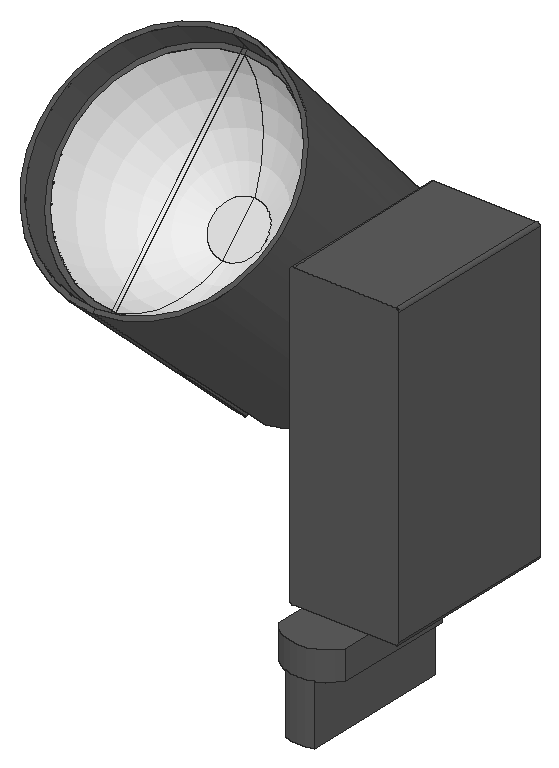
Revit family "0004946 Feilo Sylvania Lighting Fixture START TRACK SPOT L DALI 4405LM 930 WB BLK", category Lighting Fixtures, host Face, Revit 2017 (continued)
Definition of nested family "Start Track Spot Head"
  Types (96, lengths in mm): name | Wattage | built-in parameter 1150134 | Photometric Web File | Model | built-in parameter 1150105 | Lumens | built-in parameter 1150107 | built-in parameter 1150106 | HeadThickness_FEILO | HeadRibOffset_FEILO | HeadRibDepth_FEILO | HeadRibCutWidth_FEILO | HeadRibCutOffset_FEILO | HeadReflectorRadius_FEILO | HeadReflectorOffset_FEILO | HeadLEDRadius_FEILO | HeadHeight_FEILO | HeadDiffusorOffset_FEILO | HeadDiaOut_FEILO | HeadDiaIn_FEILO | HeadAxisFromTop_FEILO | Emit from Circle Diameter | built-in parameter 1150104 | Description | Apparent Load
    0004812 START TRACK SPOT S 14W 3K RA80 MB WHITE | 14 W | (empty or 0) | "0004812.ies" | "START TRACK SPOT S 14W 3K RA80 MB WHITE" | 120.32 (stored number, unit not read) | 1512 lm | 3000 (stored number, unit not read) | 1.2032 (stored number, unit not read) | 1.5 | 4.179 | 55.714 | 7.167 | 50.87 | 50.588 | 55.714 | 9.556 | 117 | 9.435 | 86 | 77.477 | 69.354 | 77.477 | 10.034 (stored number, unit not read) | "Integrated LED spotlight, Textured White - RAL9016, compact and minimalist design, ideal for retail applications, die-cast aluminium body, passive cooling heatsink. Beam angle: 36°, color temperature: 3000K , total system power: 14W, total fixture output: 1508 lm, LOR: 100%, colour rendering: Ra: 80 typical, LED Chromaticity: 3 step MacAdam ellipse, lifetime: >50000 hours at L70B50, energy class: A++, A+, A, IR/UV free light source without heat radiation, operating voltage: 220-240V / 50-60Hz, drive current: 350mA, electronic driver, non-dimmable, power factor: 0.92, electrical protection: Class II, Global Track 3 Phase adapter suitable for Global trac 3-circuit tracks, ingress protection rating: IP20, suitable for internal environment only, horizontal rotation: 355°, vertical tilt: 90°, dimensions: Ø86x140x200, weight: 0.940kg." | 14 VA
    0004811 START TRACK SPOT S 14W 3K RA80 NB WHITE | 14 W | (empty or 0) | "0004811.ies" | "START TRACK SPOT S 14W 3K RA80 NB WHITE" | 123.66 (stored number, unit not read) | 1554 lm | 3000 (stored number, unit not read) | 1.2366 (stored number, unit not read) | 1.5 | 4.179 | 55.714 | 7.167 | 50.87 | 50.588 | 55.714 | 9.556 | 117 | 9.435 | 86 | 77.477 | 69.354 | 77.477 | 10.312 (stored number, unit not read) | "Integrated LED spotlight, Textured White - RAL9016, compact and minimalist design, ideal for retail applications, die-cast aluminium body, passive cooling heatsink. Beam angle: 12°, color temperature: 3000K , total system power: 14W, total fixture output: 1551 lm, LOR: 100%, colour rendering: Ra: 80 typical, LED Chromaticity: 3 step MacAdam ellipse, lifetime: >50000 hours at L70B50, energy class: A++, A+, A, IR/UV free light source without heat radiation, operating voltage: 220-240V / 50-60Hz, drive current: 350mA, electronic driver, non-dimmable, power factor: 0.92, electrical protection: Class II, Global Track 3 Phase adapter suitable for Global trac 3-circuit tracks, ingress protection rating: IP20, suitable for internal environment only, horizontal rotation: 355°, vertical tilt: 90°, dimensions: Ø86x140x200, weight: 0.940kg." | 14 VA
  Reference planes
    plane 1 "Center (Front/Back)": y = 0
    plane 2: z = 0
    plane 3 "Center (Left/Right)": x = 0
    plane 4: x = 43
    plane 5: x = -43
    plane 6: x = -38.739
    plane 7: x = 38.739
    plane 8: z = 69.354
    plane 9: z = -47.646
    plane 10: x = -41.5
    plane 11: x = -37.239
    plane 12: z = -38.211
    plane 13: z = -35.211
    plane 14: z = 8.068
    plane 15: x = -9.556
    plane 16: x = -28.667
    plane 17: x = -19.111
    plane 18: x = -27.167
    plane 19: x = -17.611
    plane 20: x = -8.056
    plane 21: z = 13.64
    plane 22: x = -29.667
    plane 23: x = -26.167
    plane 24: x = -20.111
    plane 25: x = -16.611
    plane 26: x = -10.556
    plane 27: x = -7.056
    plane 28: x = -36.239
    plane 29: x = -40.5
    plane 30: z = 65.175
    plane 31: z = 60.997
    plane 32: z = 56.818
    plane 33: z = 18.484
    plane 34: y = -43
    plane 35: y = 43
    plane 36: y = 3.583
    plane 37: y = -3.583
    plane 38: y = -2.583
    plane 39: y = 2.583
    plane 40: y = 46
    plane 41: z = 13.5
    plane 42: z = -13.5
    plane 43: y = 39
    plane 44: x = 4.708
    plane 45: x = -2.458
    plane 46: x = -1.458
    plane 47: x = 1.458
  Forms (mm)
    Extrusion 1, solid
      sketch origin (4.2, 0, 0) x (1, 0, 0) y (0, 1, 0)
        loop
          line (-1219.2, 1219.2) -> (-1219.2, -1219.2) -> (1219.2, -1219.2) -> (1219.2, 1219.2) -> (-1219.2, 1219.2)
      from 0 to -68.017
    Revolve 2, solid, material <- "Material_1_FEILO", detail levels medium+fine
      sketch origin (0, 0, 0) x (1, 0, 0) y (0, 0, 1)
        loop
          line (-43, -47.646) -> (-41.5, -47.646) -> (-40.5, -35.211) -> (-38.739, -35.211)
          arc (-38.739, -35.211) -> (-30.16, -9.517) -> (-9.556, 8.068) r 50.588
          line (-9.556, 8.068) -> (0, 8.068) -> (0, 13.64) -> (-16.611, 13.64) -> (-17.611, 60.997) -> (-19.111, 60.997) -> (-20.111, 13.64) -> (-36.239, 13.64) -> (-37.239, 69.354) -> (-38.739, 69.354) -> (-43, -47.646)
        axis (0, 69.354) -> (0, -47.646)
      angle from 360 to 0
    Extrusion 3, void
      sketch origin (0, 0, 0) x (0, 1, 0) y (0, 0, 1)
        loop
          line (-3.583, 69.354) -> (-2.583, 18.484) -> (1.932, 18.484) -> (2.932, 69.354) -> (-3.583, 69.354)
      from 43 to -43
    Revolve 4, solid, material <- "Material_2_FEILO", detail levels medium+fine
      sketch origin (0, 0, 0) x (1, 0, 0) y (0, 0, 1)
        loop
          line (-41.5, -38.211) -> (0, -38.211) -> (0, -35.211) -> (-41.5, -35.211) -> (-41.5, -38.211)
        axis (0, -35.211) -> (0, -38.211)
      angle from 360 to 0
    Revolve 5, solid, material <- "Material_1_FEILO"
      sketch origin (0, 0, 0) x (0, 1, 0) y (0, 0, 1)
        loop
          line (46, 0) -> (39, 0) -> (39, -13.5) -> (46, -13.5) -> (46, 0)
        axis (39, 0) -> (46, 0)
      angle from 360 to 0
    Revolve 6, solid, material <- "Material_1_FEILO", detail levels medium+fine
      sketch origin (0, 0, 0) x (1, 0, 0) y (0, 0, 1)
        loop
          line (-29.667, 13.64) -> (-26.167, 13.64) -> (-27.167, 65.175) -> (-28.667, 65.175) -> (-29.667, 13.64)
        loop
          line (-10.556, 13.64) -> (-7.056, 13.64) -> (-7.833, 56.818) -> (-9.778, 56.818) -> (-10.556, 13.64)
        axis (0, 65.175) -> (0, 13.64)
      angle from 360 to 0
    Extrusion 7, void
      sketch origin (0, 0, 0) x (1, 0, 0) y (0, 0, 1)
        loop
          line (4.708, 69.354) -> (-2.458, 69.354) -> (-1.458, 13.64) -> (1.458, 13.64) -> (4.708, 69.354)
      from -43 to 43
    Revolve 8, solid, material <- "Material_1_FEILO", detail levels coarse
      sketch origin (0, 0, 0) x (1, 0, 0) y (0, 0, 1)
        loop
          line (0, 69.354) -> (-38.739, 69.354) -> (-43, -47.646) -> (-41.5, -47.646) -> (-40.731, -38.211) -> (0, -38.211) -> (0, 69.354)
        axis (0, 69.354) -> (0, -47.646)
      angle from 360 to 0
  Cuts and joins
    Extrusion 3 cuts Revolve 2
    Extrusion 7 cuts Revolve 6
  Dimensions and locks
    equal spacing: plane 7, plane 3 "Center (Left/Right)", plane 6
    equal spacing: plane 4, plane 3 "Center (Left/Right)", plane 5
    "HeadDiaOut_FEILO": plane 4 to plane 5
    "HeadDiaIn_FEILO": plane 7 to plane 6
    "HeadHeight_FEILO": plane 8 to plane 9
    "HeadThickness_FEILO": plane 10 to plane 5
    "HeadThickness_FEILO": plane 11 to plane 6
    "HeadDiffusorOffset_FEILO": plane 12 to plane 9
    "HeadDiffusorThickness_FEILO": plane 13 to plane 12
    "HeadReflectorOffset_FEILO": plane 14 to plane 9
    "HeadLEDRadius_FEILO": plane 3 "Center (Left/Right)" to plane 15
    "HeadLEDRadius_FEILO": plane 15 to plane 17
    "HeadLEDRadius_FEILO": plane 17 to plane 16
    "HeadThickness_FEILO": plane 18 to plane 16
    "HeadThickness_FEILO": plane 19 to plane 17
    "HeadThickness_FEILO": plane 20 to plane 15
    "HeadRibDepth_FEILO": plane 8 to plane 21
    "HeadDraft_FEILO": plane 16 to plane 22
    "HeadDraft_FEILO": plane 23 to plane 18
    "HeadDraft_FEILO": plane 17 to plane 24
    "HeadDraft_FEILO": plane 25 to plane 19
    "HeadDraft_FEILO": plane 15 to plane 26
    "HeadDraft_FEILO": plane 27 to plane 20
    "HeadDraft_FEILO": plane 29 to plane 10
    "HeadDraft_FEILO": plane 28 to plane 11
    "HeadRibOffset_FEILO": plane 8 to plane 30
    "HeadRibOffset_FEILO": plane 30 to plane 31
    "HeadRibOffset_FEILO": plane 31 to plane 32
    "HeadAxisFromTop_FEILO": plane 8 to plane 2
    "HeadRibCutOffset_FEILO": plane 8 to plane 33
    equal spacing: plane 34, plane 1 "Center (Front/Back)", plane 35
    "HeadDiaOut_FEILO": plane 34 to plane 35
    equal spacing: plane 38, plane 1 "Center (Front/Back)", plane 39
    equal spacing: plane 37, plane 1 "Center (Front/Back)", plane 36
    "HeadRibCutWidth_FEILO": plane 37 to plane 36
    "HeadDraft_FEILO": plane 37 to plane 38
    locked: plane 35 to plane 40 at 3
    equal spacing: plane 41, plane 2, plane 42
    locked: plane 42 to plane 41 at 27
    locked: plane 43 to plane 35 at 4
    equal spacing: plane 45, imposter light, plane 44
    "HeadDraft_FEILO": plane 46 to plane 45
    "HeadRibCutWidth_FEILO": plane 44 to plane 45
    equal spacing: plane 47, plane 3 "Center (Left/Right)", plane 46
    "HeadReflectorRadius_FEILO": radius of Revolve 2 sketch curve
    aligned and locked: plane 2 to Extrusion 1
    aligned and locked: level to Extrusion 1
    aligned and locked: Revolve 2 sketch curve to plane 3 "Center (Left/Right)"  (x2)
    aligned and locked: plane 9 to Revolve 2 sketch curve  (x2)
    aligned and locked: plane 5 to Revolve 2 sketch curve
    aligned and locked: plane 10 to Revolve 2 sketch curve
    aligned and locked: plane 14 to Revolve 2 sketch curve
    aligned and locked: plane 8 to Revolve 2 sketch curve
    aligned and locked: Revolve 2 sketch curve to plane 13
    aligned and locked: plane 12 to Revolve 4 sketch curve
    aligned and locked: plane 3 "Center (Left/Right)" to Revolve 4 sketch curve
    aligned and locked: Revolve 4 sketch curve to plane 10
    aligned and locked: Revolve 4 sketch curve to plane 3 "Center (Left/Right)"
    aligned and locked: plane 12 to imposter light
    aligned and locked: imposter light to plane 1 "Center (Front/Back)"
    aligned and locked: Revolve 5 sketch curve to plane 2
    aligned and locked: plane 43 to Revolve 5 sketch curve
    aligned and locked: plane 42 to Revolve 5 sketch curve
    aligned and locked: Revolve 6 sketch curve to plane 3 "Center (Left/Right)"
    aligned and locked: plane 22 to Revolve 6 sketch curve
    aligned and locked: plane 30 to Revolve 6 sketch curve
    aligned and locked: plane 23 to Revolve 6 sketch curve
    aligned and locked: Revolve 6 sketch curve to plane 21  (x2)
    aligned and locked: plane 21 to Revolve 6 sketch curve
    aligned and locked: plane 17 to Revolve 2 sketch curve
    aligned and locked: plane 19 to Revolve 2 sketch curve
    aligned and locked: plane 31 to Revolve 2 sketch curve
    aligned and locked: plane 21 to Revolve 2 sketch curve
    aligned and locked: Extrusion 3 to plane 8
    aligned and locked: plane 33 to Extrusion 3
    aligned and locked: plane 8 to Extrusion 3 sketch curve
    aligned and locked: Extrusion 3 sketch curve to plane 33
    aligned and locked: Extrusion 3 to plane 5
    aligned and locked: plane 4 to Extrusion 3
    aligned and locked: plane 32 to Revolve 6 sketch curve
    aligned and locked: plane 44 to Extrusion 7 sketch curve
    aligned and locked: Extrusion 7 sketch curve to plane 8
    aligned and locked: plane 46 to Extrusion 7 sketch curve
    aligned and locked: plane 21 to Extrusion 7 sketch curve
    aligned and locked: plane 34 to Extrusion 7
    aligned and locked: Extrusion 7 to plane 35
    aligned and locked: Revolve 4 sketch curve to plane 13
    aligned and locked: Revolve 5 sketch curve to plane 40
    aligned and locked: Revolve 8 sketch curve to plane 3 "Center (Left/Right)"
    aligned and locked: Revolve 8 sketch curve to cut or joined group of Revolve 2, Extrusion 3  (x3)
    aligned and locked: plane 5 to Revolve 8 sketch curve
    aligned and locked: plane 3 "Center (Left/Right)" to Revolve 8 sketch curve
    aligned and locked: plane 12 to Revolve 8 sketch curve
  Automatic sketch dimensions
    Extrusion 1 sketch curve to Extrusion 1 sketch curve = 2438.4 mm  (x2)
    Extrusion 3 sketch curve to plane 37 = 0 mm
    Extrusion 3 sketch curve to plane 38 = 0 mm
    plane 39 to Extrusion 3 sketch curve = 0.651 mm
    Extrusion 3 sketch curve to plane 39 = 0.349 mm
    Revolve 6 sketch curve to plane 16 = 0 mm
    Revolve 6 sketch curve to plane 18 = 0 mm
    Revolve 6 sketch curve to plane 26 = 0 mm
    Revolve 6 sketch curve to plane 27 = 0 mm
    Revolve 6 sketch curve to plane 15 = 0.222 mm
    plane 9 to Revolve 6 sketch curve = 559.103 mm
    Revolve 6 sketch curve to plane 8 = 2535.555 mm
    plane 20 to Revolve 6 sketch curve = 0.222 mm
    Revolve 2 sketch curve to plane 29 = 0 mm
    Revolve 2 sketch curve to plane 6 = 0 mm  (x2)
    Revolve 2 sketch curve to plane 11 = 0 mm
    Revolve 2 sketch curve to plane 21 = 0 mm
    Revolve 2 sketch curve to plane 28 = 0 mm
    Revolve 2 sketch curve to plane 24 = 0 mm
    Revolve 2 sketch curve to plane 25 = 0 mm
    Revolve 2 sketch curve to plane 15 = 0 mm
    Revolve 2 sketch curve to Revolve 2 sketch curve = 557.155 mm
    Revolve 2 sketch curve to plane 8 = 2535.558 mm
    Extrusion 7 sketch curve to plane 45 = 0 mm
    Extrusion 7 sketch curve to plane 47 = 0 mm
    plane 9 to Revolve 4 sketch curve = 559.103 mm
    Revolve 4 sketch curve to plane 8 = 2535.555 mm
    Revolve 5 sketch curve to level = 0 mm
    plane 34 to Revolve 5 sketch curve = 1968.092 mm
    Revolve 5 sketch curve to plane 40 = 1405.763 mm
    Revolve 8 sketch curve to plane 6 = 0 mm
    Revolve 8 sketch curve to plane 29 = 0.231 mm
    plane 9 to Revolve 8 sketch curve = 559.103 mm
    Revolve 8 sketch curve to Revolve 8 sketch curve = 2535.555 mm
Definition of nested family "Start Track Spot Box"
  Parameters (values of type "Type Large White")
    URL = "http://www.feilosylvania.com"
    Type Image = (empty or 0)
    Type Comments = "n/a"
    Small_FEILO = no
    Material_3_FEILO = none
    Model = ""
    Manufacturer = "Feilo Sylvania"
    Keynote = ""
    Material_2_FEILO = none
    Description = ""
    Default Elevation = 1219.2 mm
    Cost = 0
    Material_1_FEILO = none
    BoxWidth_FEILO = 49 mm
    BoxStartAngle_FEILO [instance] = 0.00°
    BoxRadius_FEILO = 1.5 mm
    BoxHeight_FEILO = if(Small_FEILO, 112 mm, 136 mm)  # 136 mm
    BoxEndAngle_FEILO [instance] = BoxStartAngle_FEILO - 180.00°  # -180.00°
    BoxDepth_FEILO = if(Small_FEILO, 71.5 mm, 79 mm)  # 79 mm
    BoxAxisVerticalOffset_FEILO = 16 mm
    BoxAxisOffset_FEILO = BoxHeight_FEILO / 6.8  # 20 mm
    Assembly Code = ""
    Material_4_FEILO = none
  Types (4, lengths in mm): name | Small_FEILO | BoxHeight_FEILO | BoxDepth_FEILO | BoxAxisOffset_FEILO
    Type Large White | no | 136 | 79 | 20
    Type Small White | yes | 112 | 71.5 | 16.471
    Type Small Black | yes | 112 | 71.5 | 16.471
    Type Large Black | no | 136 | 79 | 20
  Reference planes
    plane 1 "Center (Front/Back)": y = 0
    plane 2: z = 0
    plane 3 "Center (Left/Right)": x = 0
    plane 4: x = 24.5
    plane 5: x = -24.5
    plane 6: y = 68
    plane 7: y = -68
    plane 8: z = 39.5
    plane 9: z = -39.5
    plane 10: y = -48
    plane 11: x = 30.5
    plane 12: x = 8.5
    plane 13: x = 21.5
    plane 14: y = 70
    plane 15: y = 72
    plane 16: x = 19.5
  Forms (mm)
    Extrusion 1, solid
      sketch origin (4.2, 0, 0) x (1, 0, 0) y (0, 1, 0)
        loop
          line (-1219.2, 1219.2) -> (-1219.2, -1219.2) -> (1219.2, -1219.2) -> (1219.2, 1219.2) -> (-1219.2, 1219.2)
      from 0 to -68.017
    Extrusion 2, solid, material <- "Material_1_FEILO"
      sketch origin (0, 0, 0) x (1, 0, 0) y (0, 1, 0)
        loop
          arc (-23, 68) -> (-24.061, 67.561) -> (-24.5, 66.5) r 1.5
          line (-24.5, 66.5) -> (-24.5, -66.5)
          arc (-24.5, -66.5) -> (-24.061, -67.561) -> (-23, -68) r 1.5
          line (-23, -68) -> (23, -68)
          arc (23, -68) -> (24.061, -67.561) -> (24.5, -66.5) r 1.5
          line (24.5, -66.5) -> (24.5, 66.5)
          arc (24.5, 66.5) -> (24.061, 67.561) -> (23, 68) r 1.5
          line (23, 68) -> (-23, 68)
      from -39.5 to 39.5
    Revolve 3, solid, not visible
      sketch origin (0, 0, 0) x (1, 0, 0) y (0, 1, 0)
        loop
          line (30.5, -48) -> (24.5, -48) -> (24.5, -68) -> (30.5, -68) -> (30.5, -48)
        axis (30.5, -48) -> (24.5, -48)
      angle from 0 <- "BoxStartAngle_FEILO" to -180 <- "BoxEndAngle_FEILO"
    Revolve 4, solid, material <- "Material_2_FEILO"
      sketch origin (0, 0, 0) x (1, 0, 0) y (0, 1, 0)
        loop
          line (8.5, 68) -> (19.5, 68) -> (19.5, 70) -> (21.5, 70) -> (21.5, 72) -> (8.5, 72) -> (8.5, 68)
        axis (8.5, 72) -> (8.5, 68)
      angle from 360 to 0
  Dimensions and locks
    equal spacing: plane 5, plane 3 "Center (Left/Right)", plane 4
    "BoxWidth_FEILO": plane 5 to plane 4
    equal spacing: plane 7, plane 1 "Center (Front/Back)", plane 6
    "BoxHeight_FEILO": plane 7 to plane 6
    equal spacing: plane 8, plane 2, plane 9
    "BoxDepth_FEILO": plane 8 to plane 9
    "BoxAxisOffset_FEILO": plane 7 to plane 10
    locked: plane 4 to plane 11 at 6
    "BoxAxisVerticalOffset_FEILO": plane 12 to plane 4
    locked: plane 12 to plane 13 at 13
    plane 6 to plane 14 to plane 15 = 2 mm locked, 2 mm locked
    locked: plane 12 to plane 16 at 11
    "BoxRadius_FEILO": radius of Extrusion 2 sketch curve  (x4)
    aligned and locked: plane 2 to Extrusion 1
    aligned and locked: level to Extrusion 1
    aligned and locked: plane 6 to Extrusion 2 sketch curve
    aligned and locked: plane 5 to Extrusion 2 sketch curve
    aligned and locked: Extrusion 2 sketch curve to plane 7
    aligned and locked: Extrusion 2 sketch curve to plane 4
    aligned and locked: Extrusion 2 to plane 8
    aligned and locked: plane 9 to Extrusion 2
    aligned and locked: Revolve 3 sketch curve to plane 10  (x2)
    aligned and locked: plane 11 to Revolve 3 sketch curve
    aligned and locked: Revolve 3 sketch curve to plane 4
    aligned and locked: plane 7 to Revolve 3 sketch curve
    aligned and locked: Revolve 4 sketch curve to plane 12
    aligned and locked: plane 6 to Revolve 4 sketch curve
    aligned and locked: plane 12 to Revolve 4 sketch curve
    aligned and locked: plane 15 to Revolve 4 sketch curve
    aligned and locked: Revolve 4 sketch curve to plane 13
    aligned and locked: Revolve 4 sketch curve to plane 14
    aligned and locked: Revolve 4 sketch curve to plane 16
    aligned and locked: Revolve 4 sketch curve to plane 6
  Automatic sketch dimensions
    Extrusion 1 sketch curve to Extrusion 1 sketch curve = 2438.4 mm  (x2)
    Revolve 3 sketch curve to plane 5 = 1499.5 mm
    plane 11 to Revolve 3 sketch curve = 1493.5 mm
    plane 15 to Revolve 4 sketch curve = 0 mm
    plane 7 to Revolve 4 sketch curve = 1456 mm
    Revolve 4 sketch curve to plane 15 = 1452 mm
